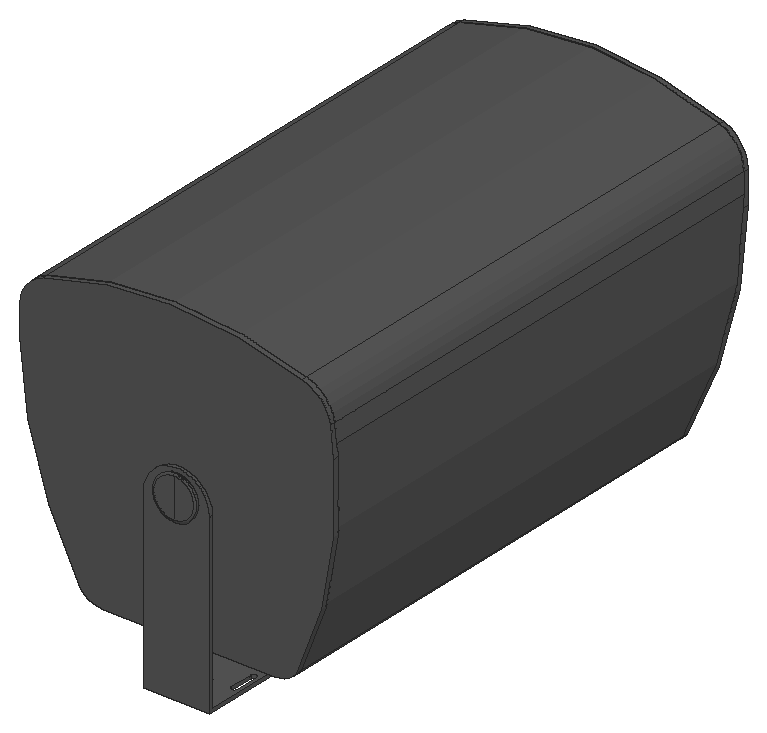
Revit family "Electronics_Desono_Biamp_Two-Way-High-Coaxial-Surface-Mount-Loudspeaker_EX-S10", category Communication Devices, host Face, Revit 2020 (continued)
Definition of nested family "EX-S10"
  Automatic sketch dimensions
    Extrusion 6 sketch curve to Extrusion 6 sketch curve = 30.862 mm  (x2)
    Extrusion 6 sketch curve to Extrusion 5 = 28.152 mm  (x2)
    Extrusion 5 to Extrusion 6 sketch curve = 101.136 mm
    Extrusion 6 sketch curve to Extrusion 6 sketch curve = 3.68 mm  (x2)
    Extrusion 5 to Extrusion 6 sketch curve = 56.335 mm
    Extrusion 6 sketch curve to Extrusion 6 sketch curve = 38.825 mm
    Extrusion 6 sketch curve to Extrusion 6 sketch curve = 107.577 mm  (x2)
    Extrusion 6 sketch curve to Extrusion 5 = 37.281 mm  (x2)
    Extrusion 6 sketch curve to Extrusion 6 sketch curve = 0 mm  (x2)
    Extrusion 6 sketch curve to Extrusion 6 sketch curve = 0.002 mm
    Extrusion 6 sketch curve to Extrusion 6 sketch curve = 36.629 mm
    Extrusion 6 sketch curve to Extrusion 6 sketch curve = 13.382 mm
    Extrusion 6 sketch curve to Extrusion 5 = 81.524 mm
    Extrusion 6 sketch curve to Extrusion 6 sketch curve = 17.499 mm
    Extrusion 6 sketch curve to Extrusion 6 sketch curve = 22.483 mm
    Extrusion 6 sketch curve to Extrusion 5 = 17.162 mm
    Extrusion 6 sketch curve to Extrusion 6 sketch curve = 22.337 mm
    Extrusion 6 sketch curve to Extrusion 6 sketch curve = 28.49 mm
    Extrusion 5 to Extrusion 7 sketch curve = 112.746 mm  (x2)
    Extrusion 7 sketch curve to Extrusion 7 sketch curve = 0.016 mm  (x2)
    Extrusion 7 sketch curve to Extrusion 5 = 81.524 mm
    Extrusion 7 sketch curve to Extrusion 7 sketch curve = 0.164 mm  (x2)
    Extrusion 5 to Extrusion 7 sketch curve = 101.092 mm
    Extrusion 7 sketch curve to Extrusion 7 sketch curve = 30.862 mm  (x2)
    Extrusion 5 to Extrusion 7 sketch curve = 28.152 mm  (x2)
    Extrusion 5 to Extrusion 7 sketch curve = 178.209 mm
    Extrusion 7 sketch curve to Extrusion 7 sketch curve = 3.68 mm  (x2)
    Extrusion 7 sketch curve to Extrusion 5 = 56.335 mm
    Extrusion 7 sketch curve to Extrusion 7 sketch curve = 38.825 mm
    Extrusion 7 sketch curve to Extrusion 7 sketch curve = 107.577 mm
    Extrusion 5 to Extrusion 7 sketch curve = 37.281 mm  (x2)
    Extrusion 7 sketch curve to Extrusion 7 sketch curve = 0 mm  (x2)
    Extrusion 7 sketch curve to Extrusion 7 sketch curve = 0.002 mm
    Extrusion 7 sketch curve to Extrusion 7 sketch curve = 36.629 mm
    Extrusion 7 sketch curve to Extrusion 7 sketch curve = 13.382 mm
    Extrusion 7 sketch curve to Extrusion 5 = 4.616 mm
    Extrusion 5 to Extrusion 7 sketch curve = 101.136 mm
    Extrusion 7 sketch curve to Extrusion 7 sketch curve = 17.499 mm
    Extrusion 7 sketch curve to Extrusion 7 sketch curve = 22.483 mm
    Extrusion 5 to Extrusion 7 sketch curve = 17.162 mm
    Extrusion 7 sketch curve to Extrusion 7 sketch curve = 22.337 mm
    Extrusion 7 sketch curve to Extrusion 7 sketch curve = 28.49 mm
    curve 1 to Masking region 3 sketch curve = 83.937 mm  (x2)
    Masking region 3 sketch curve to curve 1 = 139.404 mm
    curve 1 to Masking region 3 sketch curve = 32.781 mm
    curve 1 to Masking region 3 sketch curve = 63.735 mm
    Masking region 3 sketch curve to Masking region 3 sketch curve = 85.104 mm
    Masking region 3 sketch curve to curve 1 = 63.735 mm
    Masking region 3 sketch curve to curve 1 = 32.781 mm
    curve 1 to Masking region 3 sketch curve = 139.404 mm
    Masking region 3 sketch curve to curve 1 = 122.642 mm  (x2)
    curve 1 to Masking region 3 sketch curve = 102.015 mm  (x2)
    Masking region 3 sketch curve to Masking region 3 sketch curve = 28.515 mm
    Masking region 3 sketch curve to Masking region 3 sketch curve = 75.142 mm
    Masking region 3 sketch curve to Masking region 3 sketch curve = 38.742 mm
    Masking region 3 sketch curve to Masking region 3 sketch curve = 0 mm  (x3)
    Masking region 3 sketch curve to Masking region 3 sketch curve = 22.47 mm
    Masking region 2 sketch curve to curve 2 = 173.745 mm
    Masking region 2 sketch curve to curve 2 = 151.928 mm
    curve 2 to Masking region 2 sketch curve = 96.928 mm
    curve 2 to Masking region 2 sketch curve = 118.745 mm
    curve 2 to Masking region 2 sketch curve = 130.879 mm
    curve 2 to Masking region 2 sketch curve = 181.121 mm
    plane 1 "Center (Front/Back)" to curve 1 = 148.839 mm
    curve 1 to plane 1 "Center (Front/Back)" = 148.839 mm
Types (4, lengths in mm): name | Offset speaker | Offset | Model | Housing Material | Grill Material | EXUB_PRT | EXUB | CMX-LG | Bracket Material | Angle note
  EX-S10-CM W | 325 | 63.1 | "EX-S10-CM W" | Biamp - Plastic - White | Biamp - Plastic - White(Grid) | no | no | yes | Biamp - Plastic - White | "This product has predetermined aiming increments of 8 degrees in the vertical plane and 12 degrees in the horizontal plane"
  EX-S10-CM B | 325 | 63.1 | "EX-S10-CM B" | Biamp - Plastic - Black | Biamp - Plastic - Black(Grid) | no | no | yes | Biamp - Plastic - Black | "This product has predetermined aiming increments of 8 degrees in the vertical plane and 12 degrees in the horizontal plane"
  EX-S10-UB B | 124.7 | 177.9 | "EX-S10-UB B" | Biamp - Plastic - Black | Biamp - Plastic - Black(Grid) | yes | yes | no | Biamp - Plastic - Black | "This product has predetermined angles in 10 degree increments"
  EX-S10-UB W | 124.7 | 177.9 | "EX-S10-UB W" | Biamp - Plastic - White | Biamp - Plastic - White(Grid) | yes | yes | no | Biamp - Plastic - White | "This product has predetermined angles in 10 degree increments"
